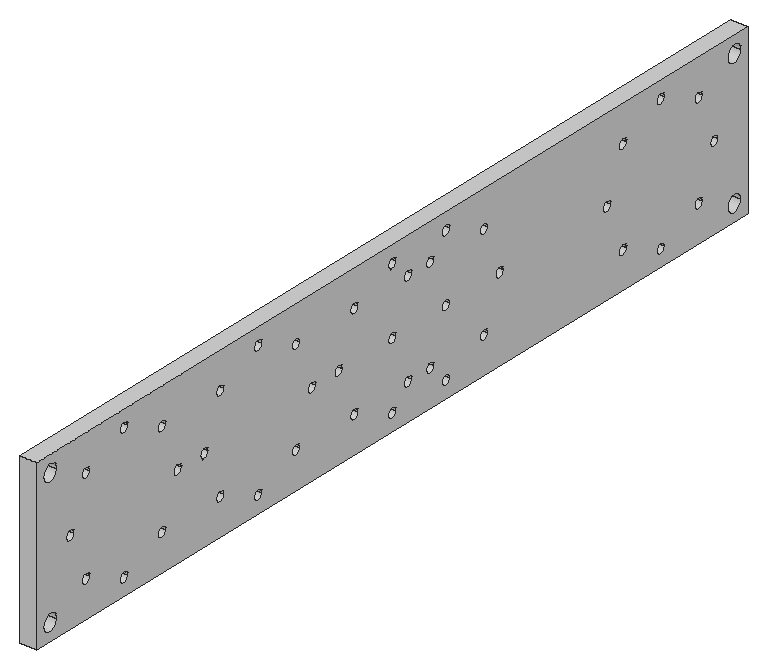
Revit family "Aquatherm_Монтажная шина", category Соединительные детали трубопроводов, Revit 2019
Family settings
  Размер круглого соединителя = Использовать диаметр
  Тип детали = Соединение
  На основе рабочей плоскости = Нет
  Всегда вертикально = Да
  При загрузке вырезать с полостями = Нет
  Общий = Нет
Parameters
  Материал_Корпус = AquaTherm железо pipe
  l2 [instance] = size_lookup("Монтажная шина", "l2", 100 mm, d)  # 20 mm
  l1 [instance] = size_lookup("Монтажная шина", "l1", 100 mm, d)  # 50 mm
  l [instance] = size_lookup("Монтажная шина", "l", 100 mm, d)  # 100 mm
  h1 [instance] = size_lookup("Монтажная шина", "h1", 100 mm, d)  # 50 mm
  h [instance] = size_lookup("Монтажная шина", "h", 100 mm, d)  # 265 mm
  c1 [instance] = size_lookup("Монтажная шина", "c1", 100 mm, d)  # 40 mm
  c [instance] = size_lookup("Монтажная шина", "c", 100 mm, d)  # 255 mm
  URL = "www.agpipe.ru"
  d [instance] = 40 mm
  ADSK_Примечание = ""
  ADSK_Позиция [instance] = ""
  ADSK_Обозначение [instance] = ""
  ADSK_Наименование [instance] = size_lookup("Монтажная шина", "ADSK_Наименование", "Нет в каталоге", d)  # "Монтажная шина"
  ADSK_Масса_Текст [instance] = size_lookup("Монтажная шина", "ADSK_Масса_Текст", "Нет в каталоге", d)  # "0.221"
  ADSK_Код изделия [instance] = size_lookup("Монтажная шина", "ADSK_Код изделия", "Нет в каталоге", d)  # "60010"
  ADSK_Завод-изготовитель = "Aquatherm"  # constant formula
  ADSK_Единица измерения = "шт."  # constant formula
Reference planes
  plane 1 "По центру (Вперед/Назад)": y = 0
  plane 2: z = 0
  plane 3 "По центру (Влево/Вправо)": x = 0
  plane 4: y = -132.5
  plane 5: y = 132.5
  plane 6: y = -127.5
  plane 7: y = 127.5
  plane 8: z = 25
  plane 9: z = -25
  plane 10: z = -20
  plane 11: z = 20
  plane 12: y = -100
  plane 13: y = 100
  plane 14: y = -50
  plane 15: y = 20
Forms (mm)
  Extrusion 1, solid, material "AquaTherm железо pipe" <- "Материал_Корпус"
    sketch origin (0, 0, 0) x (0, 1, 0) y (0, 0, 1)
      loop
        line (-132.5, 25) -> (-132.5, -25) -> (132.5, -25) -> (132.5, 25) -> (-132.5, 25)
      loop
        circle (-127.5, 20) r 2.539
      loop
        circle (-127.5, -20) r 2.539
      loop
        circle (127.5, 20) r 2.539
      loop
        circle (127.5, -20) r 2.539
      loop
        circle (-100, 20) r 1.5
      loop
        circle (-85.858, 14.142) r 1.5
      loop
        circle (-80, 0) r 1.5
      loop
        circle (-100, -20) r 1.5
      loop
        circle (-85.858, -14.142) r 1.5
      loop
        circle (-114.142, 14.142) r 1.5
      loop
        circle (-120, 0) r 1.5
      loop
        circle (-114.142, -14.142) r 1.5
      loop
        circle (-50, 20) r 1.5
      loop
        circle (-35.858, 14.142) r 1.5
      loop
        circle (-30, 0) r 1.5
      loop
        circle (-50, -20) r 1.5
      loop
        circle (-35.858, -14.142) r 1.5
      loop
        circle (-64.142, 14.142) r 1.5
      loop
        circle (-70, 0) r 1.5
      loop
        circle (-64.142, -14.142) r 1.5
      loop
        circle (0, 20) r 1.5
      loop
        circle (14.142, 14.142) r 1.5
      loop
        circle (20, 0) r 1.5
      loop
        circle (0, -20) r 1.5
      loop
        circle (14.142, -14.142) r 1.5
      loop
        circle (-14.142, 14.142) r 1.5
      loop
        circle (-20, 0) r 1.5
      loop
        circle (-14.142, -14.142) r 1.5
      loop
        circle (20, 20) r 1.5
      loop
        circle (34.142, 14.142) r 1.5
      loop
        circle (40, 0) r 1.5
      loop
        circle (20, -20) r 1.5
      loop
        circle (34.142, -14.142) r 1.5
      loop
        circle (5.858, 14.142) r 1.5
      loop
        circle (0, 0) r 1.5
      loop
        circle (5.858, -14.142) r 1.5
      loop
        circle (100, 20) r 1.5
      loop
        circle (114.142, 14.142) r 1.5
      loop
        circle (120, 0) r 1.5
      loop
        circle (100, -20) r 1.5
      loop
        circle (114.142, -14.142) r 1.5
      loop
        circle (85.858, 14.142) r 1.5
      loop
        circle (80, 0) r 1.5
      loop
        circle (85.858, -14.142) r 1.5
    from -2.5 to 2.5
Lines and regions (mm)
  reference lines
    curve 1: circle (0, -100, 0) r 20 normal (1, 0, 0)
    curve 2: circle (0, -50, 0) r 20 normal (1, 0, 0)
    curve 3: circle (0, 0, 0) r 20 normal (1, 0, 0)
    curve 4: circle (0, 20, 0) r 20 normal (1, 0, 0)
    curve 5: circle (0, 100, 0) r 20 normal (1, 0, 0)
Dimensions and locks
  equal spacing: plane 4, plane 1 "По центру (Вперед/Назад)", plane 5
  "h": plane 4 to plane 5
  equal spacing: plane 6, plane 1 "По центру (Вперед/Назад)", plane 7
  "c": plane 6 to plane 7
  equal spacing: plane 8, level, plane 9
  equal spacing: plane 11, level, plane 10
  "c1": plane 11 to plane 10
  "h1": plane 8 to plane 9
  "l": plane 12 to plane 1 "По центру (Вперед/Назад)"
  "l": plane 1 "По центру (Вперед/Назад)" to plane 13
  "l1": plane 14 to plane 1 "По центру (Вперед/Назад)"
  "l2": plane 1 "По центру (Вперед/Назад)" to plane 15
  aligned and locked: level to plane 2
Automatic sketch dimensions
  curve 1 to level = 0 mm
  curve 1 to plane 12 = 0 mm
  curve 2 to level = 0 mm
  curve 2 to plane 14 = 0 mm
  curve 3 to level = 0 mm
  curve 3 to plane 1 "По центру (Вперед/Назад)" = 0 mm
  curve 4 to level = 0 mm
  curve 4 to plane 15 = 0 mm
  curve 5 to level = 0 mm
  curve 5 to plane 13 = 0 mm
  Extrusion 1 sketch curve to plane 4 = 0 mm
  Extrusion 1 sketch curve to plane 6 = 0 mm  (x2)
  Extrusion 1 sketch curve to level = 0 mm  (x10)
  Extrusion 1 sketch curve to plane 10 = 0 mm  (x7)
  Extrusion 1 sketch curve to plane 12 = 0 mm  (x2)
  plane 11 to Extrusion 1 sketch curve = 0 mm  (x7)
  Extrusion 1 sketch curve to plane 14 = 0 mm  (x2)
  Extrusion 1 sketch curve to plane 1 "По центру (Вперед/Назад)" = 0 mm  (x3)
  Extrusion 1 sketch curve to plane 15 = 0 mm  (x3)
  Extrusion 1 sketch curve to plane 13 = 0 mm  (x2)
  Extrusion 1 sketch curve to plane 7 = 0 mm  (x2)
  Extrusion 1 sketch curve to plane 5 = 0 mm
  Extrusion 1 sketch curve to plane 9 = 0 mm
  Extrusion 1 sketch curve to plane 8 = 0 mm
  plane 6 to Extrusion 1 sketch curve = 7.5 mm
  plane 10 to Extrusion 1 sketch curve = 5.858 mm  (x10)
  plane 6 to Extrusion 1 sketch curve = 13.358 mm  (x2)
  plane 11 to Extrusion 1 sketch curve = 5.858 mm  (x10)
  plane 12 to Extrusion 1 sketch curve = 14.142 mm  (x2)
  Extrusion 1 sketch curve to Extrusion 1 sketch curve = 5.858 mm  (x3)
  Extrusion 1 sketch curve to Extrusion 1 sketch curve = 10 mm  (x2)
  Extrusion 1 sketch curve to plane 14 = 14.142 mm  (x2)
  plane 14 to Extrusion 1 sketch curve = 14.142 mm  (x2)
  plane 1 "По центру (Вперед/Назад)" to Extrusion 1 sketch curve = 14.142 mm  (x2)
  Extrusion 1 sketch curve to plane 1 "По центру (Вперед/Назад)" = 5.858 mm  (x2)
  Extrusion 1 sketch curve to plane 15 = 5.858 mm  (x2)
  plane 15 to Extrusion 1 sketch curve = 14.142 mm  (x2)
  Extrusion 1 sketch curve to plane 13 = 20 mm
  Extrusion 1 sketch curve to plane 13 = 14.142 mm  (x2)
  Extrusion 1 sketch curve to plane 7 = 13.358 mm  (x2)
  Extrusion 1 sketch curve to plane 7 = 7.5 mm
  radius of curve 1 = 20 mm
  radius of curve 2 = 20 mm
  radius of curve 3 = 20 mm
  radius of curve 4 = 20 mm
  radius of curve 5 = 20 mm
  radius of Extrusion 1 sketch curve = 2.539 mm  (x4)
  radius of Extrusion 1 sketch curve = 1.5 mm  (x40)
